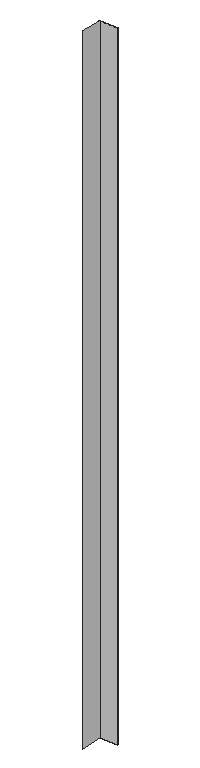
Revit family "a8178e0c68e941d2841724229b621ea2", category Structural Columns, Revit 2021
Family settings
  Section Shape = Not Defined
  Material for Model Behavior = Steel
  Always export as geometry = No
  Beam cutback in plan = From bounding box
  OmniClass Number = 23.25.30.11.14.11
  OmniClass Title = Columns
  Seek Item ID = Light Gauge-Angles-Column-0000-USA-ENU
  Cut with Voids When Loaded = No
  Symbolic Representation = From Project Settings
  Shared = No
  Show family pre-cut in plan views = Yes
Parameters (values of type "L3 X 3.5")
  t1 = if((t / 0.95 * 0' 1" / 1000) < 0' 0 1/32", 0' 0 1/32", (t / 0.95 * 0' 1" / 1000))  # 0' - 0 1/32"
  t = 16
  W = 0
  Structural Material [instance] = Metal - Light Gauge
  L2 = 0' - 3 1/2"
  L1 = 0' - 3"
  Assembly Code = "B10"
  A = 0.00 in²
Reference planes (in)
  plane 1 "Center (Front/Back)": y = 0
  plane 2: z = 0
  plane 3 "Center (Left/Right)": x = 0
  plane 4 "Right": x = 3
  plane 5 "Bottom": y = -3.5
Forms (in)
  Extrusion 1, solid, material "Metal - Light Gauge" <- "Structural Material", detail levels medium+fine
    sketch origin (1.4375, -0.625, 0) x (0, 1, 0) y (-1, 0, 0)
      loop
        line (-2.875, 1.4375) -> (-2.875, 1.40625) -> (0.59375, 1.40625) -> (0.59375, -1.5625) -> (0.625, -1.5625) -> (0.625, 1.4375) -> (-2.875, 1.4375)
    from 0 to 108
Lines and regions (in)
  symbolic lines, style "Hidden Faces", detail levels medium+fine
    curve 1: line (0.03125, -0.5625, 108) -> (0.03125, -0.5625, 0)
    curve 2: line (0, -0.03125, 108) -> (0, -0.03125, 0)
  symbolic lines, style "StructuralColumnStickSymbols", detail levels coarse
    curve 3: line (0, 0, 0) -> (3, 0, 0)
    curve 4: line (0, 0, 0) -> (0, -3.5, 0)
Dimensions and locks (in)
  "L1": plane 3 "Center (Left/Right)" to plane 4 "Right"
  "L2": plane 1 "Center (Front/Back)" to plane 5 "Bottom"
  "t1": Extrusion 1 sketch curve to Extrusion 1 sketch curve  (x2)
  "t1": Extrusion 1 to curve 2
  "t1": curve 1 to Extrusion 1
  aligned and locked: level to Extrusion 1  (x4)
  aligned and locked: level to plane 2
  aligned and locked: Extrusion 1 to plane 2
  aligned and locked: level to curve 1  (x2)
  aligned and locked: Extrusion 1 to level  (x4)
  aligned and locked: plane 1 "Center (Front/Back)" to Extrusion 1 sketch curve  (x2)
  aligned and locked: plane 5 "Bottom" to Extrusion 1 sketch curve  (x2)
  aligned and locked: Extrusion 1 sketch curve to plane 4 "Right"
  aligned and locked: plane 4 "Right" to Extrusion 1 sketch curve
  aligned and locked: Extrusion 1 sketch curve to Extrusion 1 sketch curve
  aligned and locked: plane 3 "Center (Left/Right)" to Extrusion 1 sketch curve
  aligned and locked: Extrusion 1 to plane 3 "Center (Left/Right)"
  aligned and locked: Extrusion 1 to plane 1 "Center (Front/Back)"
  aligned and locked: Extrusion 1 to plane 4 "Right"
  aligned and locked: Extrusion 1 to plane 5 "Bottom"
  aligned and locked: curve 3 to Extrusion 1
  aligned and locked: curve 4 to Extrusion 1
  aligned and locked: plane 1 "Center (Front/Back)" to Extrusion 1
  aligned and locked: plane 5 "Bottom" to curve 4
  aligned and locked: plane 4 "Right" to curve 3
Automatic sketch dimensions
  curve 2 to level = 0' - 0"  (x2)
